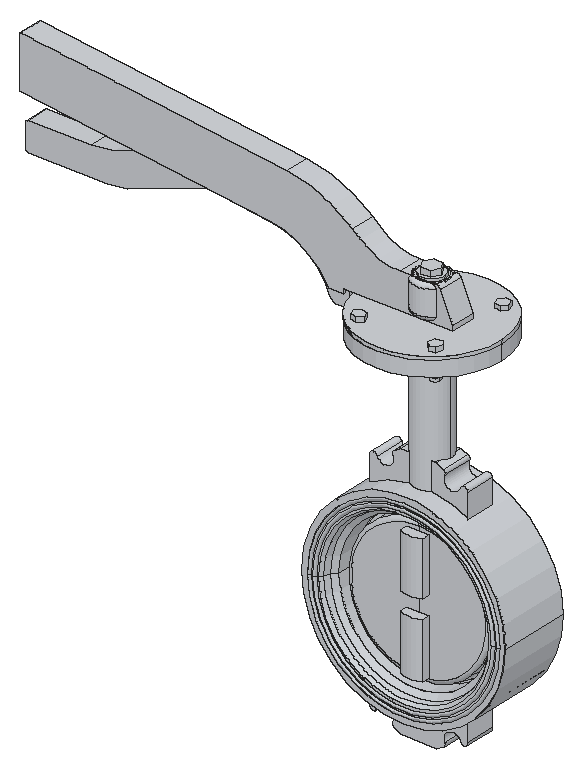
Revit family "R59WY008", category Plumbing Fixtures, Revit 2015
Reference planes
  plane 1 "Center (Front/Back)": y = 0
  plane 2: z = 0
  plane 3 "Center (Left/Right)": x = 0
  plane 4: z = 160
  plane 5: x = -260
  plane 6: z = 237
  plane 7: z = 187
  plane 8: z = -85
  plane 9: z = -30
  plane 10: z = 190
  plane 11: z = -30
  plane 12: y = -22.988
  plane 13: y = 23.012
Forms (mm)
  Extrusion 1, solid
    sketch origin (0, 0, 150) x (1, 0, 0) y (0, 1, 0)
      loop
        circle (0, 0) r 45
    from 0 to 10
  Extrusion 2, solid
    sketch origin (0, 0, -76.95) x (1, 0, 0) y (0, 1, 0)
      loop
        circle (0, 0) r 12
    from 139.942 to 226.95
  Revolve 3, solid
    sketch origin (0, 0, 0) x (0, 1, 0) y (0, 0, 1)
      loop
        line (-1.078, -49.346) -> (1.078, -49.346) -> (1.078, -48.411)
        arc (1.078, -48.411) -> (1.953, -46.978) -> (3.478, -46.275) r 2.888
        line (3.478, -46.275) -> (6.599, -46.275)
        arc (6.599, -46.275) -> (9.772, -44.533) -> (11.11, -41.17) r 5.351
        line (11.11, -41.17) -> (11.11, 0) -> (-11.11, 0) -> (-11.11, -43.605)
        arc (-11.11, -43.605) -> (-10.328, -45.493) -> (-8.44, -46.275) r 2.67
        line (-8.44, -46.275) -> (-3.478, -46.275)
        arc (-3.478, -46.275) -> (-1.953, -46.978) -> (-1.078, -48.411) r 2.888
        line (-1.078, -48.411) -> (-1.078, -49.346)
      axis (11.11, 0) -> (-11.11, 0)
    angle from 0 to 360
  Blend 4, solid
    base sketch origin (0, 0, -4.163) x (1, 0, 0) y (0, 1, 0)
      loop
        line (-6.883, 16.4) -> (-6.883, -16.4)
        arc (-6.883, -16.4) -> (0, -18.078) -> (6.883, -16.4) r 14.953
        line (6.883, -16.4) -> (6.883, 16.4)
        arc (6.883, 16.4) -> (0, 18.078) -> (-6.883, 16.4) r 14.953
    top sketch origin (0, 0, 0) x (1, 0, 0) y (0, 1, 0)
      loop
        line (-6.883, 16.4) -> (-6.883, -16.4)
        arc (-6.883, -16.4) -> (0, -18.078) -> (6.883, -16.4) r 14.953
        line (6.883, -16.4) -> (6.883, 16.4)
        arc (6.883, 16.4) -> (0, 18.078) -> (-6.883, 16.4) r 14.953
    from 10.163 to 41.004
  Blend 5, solid
    base sketch origin (0, 0, -38.601) x (0, -1, 0) y (1, 0, 0)
      loop
        line (-16.4, -6.883) -> (16.4, -6.883)
        arc (16.4, -6.883) -> (18.078, 0) -> (16.4, 6.883) r 14.953
        line (16.4, 6.883) -> (-16.4, 6.883)
        arc (-16.4, 6.883) -> (-18.078, 0) -> (-16.4, -6.883) r 14.953
    top sketch origin (0, 0, -35.117) x (0, -1, 0) y (1, 0, 0)
      loop
        line (-16.4, -6.883) -> (16.4, -6.883)
        arc (16.4, -6.883) -> (18.078, 0) -> (16.4, 6.883) r 14.953
        line (16.4, 6.883) -> (-16.4, 6.883)
        arc (-16.4, 6.883) -> (-18.078, 0) -> (-16.4, -6.883) r 14.953
    from -3.283 to 29.117
  Extrusion 6, solid
    sketch origin (99.126, -27.447, 162) x (0, -1, 0) y (1, 0, 0)
      loop
        line (3.99, -123.113) -> (0.805, -120.344) -> (-3.184, -121.718) -> (-3.99, -125.86) -> (-0.805, -128.628) -> (3.184, -127.254) -> (3.99, -123.113)
    from 0 to 3
  Extrusion 7, solid
    sketch origin (99.126, -27.447, 142) x (0, -1, 0) y (1, 0, 0)
      loop
        circle (0, -124.486) r 3
    from 2.505 to 20
  Extrusion 8, solid
    sketch origin (99.126, -27.447, 149) x (0, -1, 0) y (1, 0, 0)
      loop
        line (3.99, -123.113) -> (0.805, -120.344) -> (-3.184, -121.718) -> (-3.99, -125.86) -> (-0.805, -128.628) -> (3.184, -127.254) -> (3.99, -123.113)
      loop
        line (-3.444, -125.672) -> (-0.695, -128.061) -> (2.749, -126.876) -> (3.444, -123.301) -> (0.695, -120.911) -> (-2.749, -122.097) -> (-3.444, -125.672)
    from -1.968 to 1
  Extrusion 9, solid, not visible
    sketch origin (26.117, -96.518, 104.233) x (0, -1, 0) y (1, 0, 0)
      loop
        line (3.99, -123.113) -> (0.805, -120.344) -> (-3.184, -121.718) -> (-3.99, -125.86) -> (-0.805, -128.628) -> (3.184, -127.254) -> (3.99, -123.113)
    from 0 to 3
  Extrusion 10, solid, not visible
    sketch origin (26.117, -96.518, 84.233) x (0, -1, 0) y (1, 0, 0)
      loop
        circle (0, -124.486) r 3
    from 2.505 to 20
  Extrusion 11, solid, not visible
    sketch origin (26.117, -96.518, 91.233) x (0, -1, 0) y (1, 0, 0)
      loop
        line (3.99, -123.113) -> (0.805, -120.344) -> (-3.184, -121.718) -> (-3.99, -125.86) -> (-0.805, -128.628) -> (3.184, -127.254) -> (3.99, -123.113)
      loop
        line (-3.444, -125.672) -> (-0.695, -128.061) -> (2.749, -126.876) -> (3.444, -123.301) -> (0.695, -120.911) -> (-2.749, -122.097) -> (-3.444, -125.672)
    from -1.968 to 1
  Extrusion 12, solid
    sketch origin (0, 0, 160) x (1, 0, 0) y (0, 1, 0)
      loop
        circle (0, 0) r 45
    from 0 to 2
  Extrusion 13, solid
    sketch origin (99.126, -27.447, 162) x (0, -1, 0) y (1, 0, 0)
      loop
        line (-58.884, -123.113) -> (-58.079, -127.254) -> (-54.09, -128.628) -> (-50.905, -125.86) -> (-51.71, -121.718) -> (-55.7, -120.344) -> (-58.884, -123.113)
    from 0 to 3
  Extrusion 14, solid
    sketch origin (99.126, -27.447, 142) x (0, -1, 0) y (1, 0, 0)
      loop
        circle (-54.895, -124.486) r 3
    from 2.505 to 20
  Extrusion 15, solid
    sketch origin (99.126, -27.447, 149) x (0, -1, 0) y (1, 0, 0)
      loop
        line (-58.884, -123.113) -> (-58.079, -127.254) -> (-54.09, -128.628) -> (-50.905, -125.86) -> (-51.71, -121.718) -> (-55.7, -120.344) -> (-58.884, -123.113)
      loop
        line (-51.451, -125.672) -> (-52.146, -122.097) -> (-55.59, -120.911) -> (-58.339, -123.301) -> (-57.644, -126.876) -> (-54.2, -128.061) -> (-51.451, -125.672)
    from -1.968 to 1
  Extrusion 16, solid
    sketch origin (-100.376, 27.447, 162) x (0, 1, 0) y (-1, 0, 0)
      loop
        line (-58.884, -123.113) -> (-58.079, -127.254) -> (-54.09, -128.628) -> (-50.905, -125.86) -> (-51.71, -121.718) -> (-55.7, -120.344) -> (-58.884, -123.113)
    from 0 to 3
  Extrusion 17, solid
    sketch origin (-100.376, 27.447, 142) x (0, 1, 0) y (-1, 0, 0)
      loop
        circle (-54.895, -124.486) r 3
    from 2.505 to 20
  Extrusion 18, solid
    sketch origin (-100.376, 27.447, 149) x (0, 1, 0) y (-1, 0, 0)
      loop
        line (-58.884, -123.113) -> (-58.079, -127.254) -> (-54.09, -128.628) -> (-50.905, -125.86) -> (-51.71, -121.718) -> (-55.7, -120.344) -> (-58.884, -123.113)
      loop
        line (-51.451, -125.672) -> (-52.146, -122.097) -> (-55.59, -120.911) -> (-58.339, -123.301) -> (-57.644, -126.876) -> (-54.2, -128.061) -> (-51.451, -125.672)
    from -1.968 to 1
  Extrusion 19, solid
    sketch origin (-100.376, 27.447, 162) x (0, 1, 0) y (-1, 0, 0)
      loop
        line (3.99, -123.113) -> (0.805, -120.344) -> (-3.184, -121.718) -> (-3.99, -125.86) -> (-0.805, -128.628) -> (3.184, -127.254) -> (3.99, -123.113)
    from 0 to 3
  Extrusion 20, solid
    sketch origin (-100.376, 27.447, 142) x (0, 1, 0) y (-1, 0, 0)
      loop
        circle (0, -124.486) r 3
    from 2.505 to 20
  Extrusion 21, solid
    sketch origin (-100.376, 27.447, 149) x (0, 1, 0) y (-1, 0, 0)
      loop
        line (3.99, -123.113) -> (0.805, -120.344) -> (-3.184, -121.718) -> (-3.99, -125.86) -> (-0.805, -128.628) -> (3.184, -127.254) -> (3.99, -123.113)
      loop
        line (-3.444, -125.672) -> (-0.695, -128.061) -> (2.749, -126.876) -> (3.444, -123.301) -> (0.695, -120.911) -> (-2.749, -122.097) -> (-3.444, -125.672)
    from -1.968 to 1
  Extrusion 22, solid
    sketch origin (125.063, -27.447, 187.144) x (0, -1, 0) y (1, 0, 0)
      loop
        line (-32.638, -122.069) -> (-32.638, -128.062) -> (-27.447, -131.059) -> (-22.257, -128.062) -> (-22.257, -122.069) -> (-27.447, -119.072) -> (-32.638, -122.069)
    from -1.014 to 2.856
  Extrusion 23, solid
    sketch origin (124.477, -54.895, 182.2) x (0, -1, 0) y (1, 0, 0)
      loop
        circle (-54.895, -124.486) r 8
    from -22.2 to 3.931
  Sweep 24, solid
    path origin (0, 0, 0) x (1, 0, 0) y (0, 0, 1)
      loop
        circle (0, 0) r 66
    profile origin (0, 0, -66) x (0, 0, 1) y (0, -1, 0)
      loop
        line (16.683, -13.63) -> (16.683, 13.63) -> (13.454, 16.859) -> (12.517, 20.357) -> (10.888, 22.699) -> (9.28, 22.699)
        arc (9.28, 22.699) -> (8.267, 23.712) -> (7.253, 22.699) r 1.014
        line (7.253, 22.699) -> (5.98, 22.699)
        arc (5.98, 22.699) -> (4.966, 23.712) -> (3.952, 22.699) r 1.014
        line (3.952, 22.699) -> (0.625, 22.699) -> (0.625, -22.699) -> (3.952, -22.699)
        arc (3.952, -22.699) -> (4.966, -23.712) -> (5.98, -22.699) r 1.014
        line (5.98, -22.699) -> (7.253, -22.699)
        arc (7.253, -22.699) -> (8.267, -23.712) -> (9.28, -22.699) r 1.014
        line (9.28, -22.699) -> (10.888, -22.699) -> (12.517, -20.357) -> (13.454, -16.859) -> (16.683, -13.63)
  Revolve 25, solid
    sketch origin (0, 0, 20) x (1, 0, 0) y (0, 0, 1)
      loop
        line (-9.486, 143.746) -> (0, 143.746) -> (0, 165) -> (-9.486, 165)
        arc (-9.486, 165) -> (-11.259, 164.265) -> (-11.994, 162.492) r 2.508
        line (-11.994, 162.492) -> (-11.994, 146.254)
        arc (-11.994, 146.254) -> (-11.259, 144.481) -> (-9.486, 143.746) r 2.508
      axis (0, 143.746) -> (0, 165)
    angle from 0 to 360
  Sweep 26, solid
    path origin (-0.002, 0, 0) x (1, 0, 0) y (0, 0, 1)
      loop
        circle (0, 0) r 66
    profile origin (-0.002, 0, -66) x (0, 0, 1) y (0, -1, 0)
      loop
        line (0, 22.988) -> (0, -23.012) -> (3.965, -23.012) -> (3.965, 22.988) -> (0, 22.988)
  Extrusion 27, solid
    sketch origin (-0.006, 45.948, -120.573) x (1, 0, 0) y (0, 0, 1)
      loop
        arc (-14.408, 305.574) -> (-31.009, 309.172) -> (-44.632, 319.319) r 40.102
        arc (-44.632, 319.319) -> (-64.682, 331.561) -> (-87.387, 337.59) r 81.686
        line (-87.387, 337.59) -> (-259.322, 357.495)
        arc (-259.322, 357.495) -> (-259.796, 357.345) -> (-260, 356.891) r 0.608
        line (-260, 356.891) -> (-260, 323.702) -> (-98.154, 304.965)
        arc (-98.154, 304.965) -> (-76.145, 296.857) -> (-60.289, 279.573) r 49.8
        line (-60.289, 279.573) -> (-50.289, 279.573) -> (-50.289, 282.573) -> (19.968, 282.573) -> (19.968, 285.573) -> (12.259, 303.735)
        arc (12.259, 303.735) -> (11.142, 305.075) -> (9.47, 305.574) r 3.02
        line (9.47, 305.574) -> (-14.408, 305.574)
    from 37.966 to 54.11
  Extrusion 28, solid
    sketch origin (-37.789, 45.948, -195.087) x (1, 0, 0) y (0, 0, 1)
      loop
        arc (-22.093, 349.062) -> (-20.549, 347.09) -> (-18.159, 346.344) r 4.207
        line (-18.159, 346.344) -> (-9.636, 346.344) -> (-9.636, 357.087) -> (-17.519, 357.087)
        arc (-17.519, 357.087) -> (-19.393, 357.527) -> (-20.874, 358.756) r 4.207
        line (-20.874, 358.756) -> (-36.673, 388.468)
        arc (-36.673, 388.468) -> (-42.926, 395.877) -> (-51.675, 400.052) r 23.006
        line (-51.675, 400.052) -> (-121.464, 408.132)
        arc (-121.464, 408.132) -> (-146.554, 389.335) -> (-177.106, 382.301) r 75.785
        line (-177.106, 382.301) -> (-217.214, 382.301)
        arc (-217.214, 382.301) -> (-218.486, 381.806) -> (-219.141, 380.609) r 1.995
        line (-219.141, 380.609) -> (-219.141, 365.458)
        arc (-219.141, 365.458) -> (-218.486, 364.261) -> (-217.214, 363.766) r 1.995
        line (-217.214, 363.766) -> (-165.969, 363.766)
        arc (-165.969, 363.766) -> (-159.476, 364.161) -> (-153.041, 365.112) r 75.785
        line (-153.041, 365.112) -> (-102.034, 383.677) -> (-60.442, 378.862)
        arc (-60.442, 378.862) -> (-37.124, 369.314) -> (-22.17, 349.033) r 46.662
    from 38.356 to 53.486
  Extrusion 29, solid
    sketch origin (-3.457, 0.293, -6.305) x (1, 0, 0) y (0, 0, 1)
      loop
        arc (18.871, -73.351) -> (19.767, -72.069) -> (19.652, -70.517) r 2.274
        arc (19.652, -70.517) -> (22.463, -63.15) -> (29.701, -66.279) r 5.458
        arc (29.701, -66.279) -> (32.458, -68.037) -> (34.596, -65.563) r 2.5
        line (34.596, -65.563) -> (34.596, -49.453)
        arc (34.596, -49.453) -> (2.811, -57.296) -> (-28.974, -49.453) r 68.332
        line (-28.974, -49.453) -> (-28.974, -65.563)
        arc (-28.974, -65.563) -> (-26.836, -68.037) -> (-24.079, -66.279) r 2.5
        arc (-24.079, -66.279) -> (-16.841, -63.15) -> (-14.03, -70.517) r 5.458
        arc (-14.03, -70.517) -> (-14.145, -72.069) -> (-13.249, -73.349) r 2.274
        arc (-13.249, -73.349) -> (-11.147, -74.651) -> (-8.94, -75.766) r 28.535
        line (-8.94, -75.766) -> (14.565, -75.766)
        arc (14.565, -75.766) -> (16.77, -74.652) -> (18.871, -73.351) r 28.535
    from -9.388 to 9.974
  Extrusion 30, solid
    sketch origin (-3.457, 0.293, 9.028) x (1, 0, 0) y (0, 0, 1)
      loop
        arc (18.871, 71.788) -> (16.77, 73.089) -> (14.565, 74.203) r 28.535
        line (14.565, 74.203) -> (-8.94, 74.203)
        arc (-8.94, 74.203) -> (-11.147, 73.088) -> (-13.249, 71.787) r 28.535
        arc (-13.249, 71.787) -> (-14.145, 70.506) -> (-14.03, 68.955) r 2.274
        arc (-14.03, 68.955) -> (-16.841, 61.587) -> (-24.079, 64.717) r 5.458
        arc (-24.079, 64.717) -> (-26.836, 66.474) -> (-28.974, 64.001) r 2.5
        line (-28.974, 64.001) -> (-28.974, 47.891)
        arc (-28.974, 47.891) -> (2.811, 56.452) -> (34.596, 47.891) r 63.282
        line (34.596, 47.891) -> (34.596, 64.001)
        arc (34.596, 64.001) -> (32.458, 66.474) -> (29.701, 64.717) r 2.5
        arc (29.701, 64.717) -> (22.463, 61.587) -> (19.652, 68.955) r 5.458
        arc (19.652, 68.955) -> (19.767, 70.506) -> (18.871, 71.788) r 2.274
    from -9.388 to 9.974
Dimensions and locks
  plane 2 to plane 4 = 160 mm
  plane 3 "Center (Left/Right)" to plane 5 = 260 mm
  level to plane 6 = 237 mm
  plane 8 to level = 85 mm
  locked: plane 4 to plane 10 at 30
  plane 13 to plane 12 = 46 mm
  aligned and locked: level to plane 2
